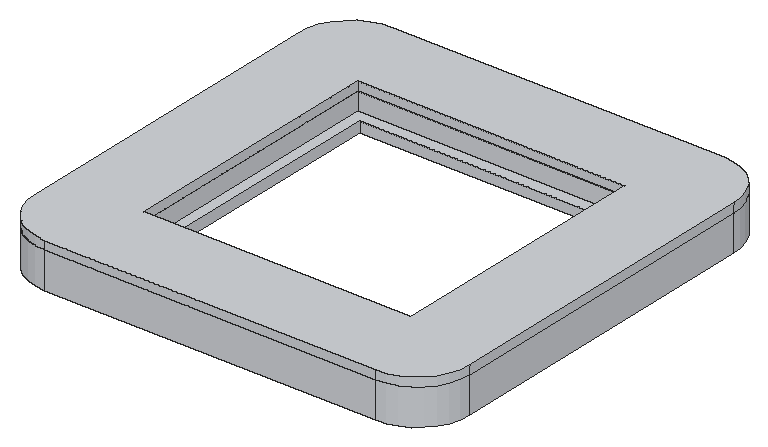
Revit family "Gira_0211427", category Electrical Fixtures, host Face, Revit 2017
Family settings
  Host = Face
  Maintain Annotation Orientation = No
  Round Connector Dimension = Use Diameter
  Part Type = Normal
  Cut with Voids When Loaded = No
  Shared = No
  Room Calculation Point = No
Parameters (values of type "Abdeckrahmen 1f Gira E3 Sand/Anthrazit")
  Werkstoffgüte = "sonstige"
  Werkstoff = "sonstige"
  URL = "http://katalog.gira.de/de_DE/datenblatt.html?artikelnr=0211427"
  Transparent = "No"
  Textfeld/Beschriftungsfläche = "No"
  Schutzart (IP) = "IP20"
  Region = "DE"
  Oberfläche = "metallic"
  Name = "Abdeckrahmen 1f Gira E3 Sand/Anthrazit"
  Montagerichtung = "horizontal und vertikal"
  Mit Montagerahmen = "No"
  Mit Klappdeckel = "No"
  Manufacturer URL = "https://www.gira.de/"
  Keynote = "E3_Rahmen_1fach"
  HeinzeBIM = "https://bimportal.heinze.de/bim/abdeckrahmen-1f-gira-e3-sand-anthrazit/879f49f76cd505f873595ebd3b0ae41e0b3dd188"
  Halogenfrei = "No"
  HAN = "0211427"
  Geeignet für Unterputz-Installation = "Yes"
  Geeignet für Unterflurkanaldose = "No"
  Geeignet für Geräteeinbaukanal = "No"
  Geeignet für Einbauinstallation = "No"
  GTIN = "4010337024576"
  Farbe = "sonstige"
  Default Elevation = 1219.2 mm
  Data sheet (1) = "https://katalog.gira.de/de_DE/download.html?artikelnr=0211427"
  Category = "Abdeckrahmen"
  Befestigungsart = "Klemmbefestigung"
  Available = "Yes"
  Anzahl der Einheiten vertikal = "1 "
  Anzahl der Einheiten horizontal = "1 "
  Anzahl der Einheiten = "1 "
Reference planes
  plane 1 "Center (Front/Back)": y = 0
  plane 2: z = 0
  plane 3 "Center (Left/Right)": x = 0
Forms (mm)
  Extrusion 1, solid, detail levels fine
    sketch origin (0, 0, 0) x (1, 0, 0) y (0, 1, 0)
      loop
        arc (-34.8, 45.809) -> (-42.585, 42.585) -> (-45.809, 34.8) r 11.009
        line (-45.809, 34.8) -> (-45.809, -34.8)
        arc (-45.809, -34.8) -> (-42.585, -42.585) -> (-34.8, -45.809) r 11.009
        line (-34.8, -45.809) -> (34.8, -45.809)
        arc (34.8, -45.809) -> (42.585, -42.585) -> (45.809, -34.8) r 11.009
        line (45.809, -34.8) -> (45.809, 34.8)
        arc (45.809, 34.8) -> (42.585, 42.585) -> (34.8, 45.809) r 11.009
        line (34.8, 45.809) -> (-34.8, 45.809)
      loop
        line (28.187, 28.156) -> (-28.187, 28.156) -> (-28.187, -28.156) -> (28.187, -28.156) -> (28.187, 28.156)
    from 7.65 to 9.5
  Extrusion 2, solid, detail levels fine
    sketch origin (0, 0, 0) x (1, 0, 0) y (0, 1, 0)
      loop
        line (25.7, 25.7) -> (-25.7, 25.7) -> (-25.7, -25.7) -> (25.7, -25.7) -> (25.7, 25.7)
      loop
        line (-28.187, -28.156) -> (28.187, -28.156) -> (28.187, 28.156) -> (-28.187, 28.156) -> (-28.187, -28.156)
    from 1.65 to 3.9
  Extrusion 3, solid, detail levels fine
    sketch origin (0, 0, 0) x (1, 0, 0) y (0, 1, 0)
      loop
        arc (-34.8, 45.809) -> (-42.585, 42.585) -> (-45.809, 34.8) r 11.009
        line (-45.809, 34.8) -> (-45.809, -34.8)
        arc (-45.809, -34.8) -> (-42.585, -42.585) -> (-34.8, -45.809) r 11.009
        line (-34.8, -45.809) -> (34.8, -45.809)
        arc (34.8, -45.809) -> (42.585, -42.585) -> (45.809, -34.8) r 11.009
        line (45.809, -34.8) -> (45.809, 34.8)
        arc (45.809, 34.8) -> (42.585, 42.585) -> (34.8, 45.809) r 11.009
        line (34.8, 45.809) -> (-34.8, 45.809)
      loop
        line (-43.843, 34.785) -> (-43.843, -34.785)
        arc (-43.843, -34.785) -> (-41.19, -41.19) -> (-34.785, -43.843) r 9.058
        line (-34.785, -43.843) -> (34.785, -43.843)
        arc (34.785, -43.843) -> (41.19, -41.19) -> (43.843, -34.785) r 9.058
        line (43.843, -34.785) -> (43.843, 34.785)
        arc (43.843, 34.785) -> (41.19, 41.19) -> (34.785, 43.843) r 9.058
        line (34.785, 43.843) -> (-34.785, 43.843)
        arc (-34.785, 43.843) -> (-41.19, 41.19) -> (-43.843, 34.785) r 9.058
    from 0 to 7.65
  Extrusion 4, solid, detail levels fine
    sketch origin (0, 0, 0) x (1, 0, 0) y (0, 1, 0)
      loop
        line (-27.337, -31.075) -> (27.337, -31.075)
        arc (27.337, -31.075) -> (29.98, -29.98) -> (31.075, -27.337) r 3.739
        line (31.075, -27.337) -> (31.075, 27.337)
        arc (31.075, 27.337) -> (29.98, 29.98) -> (27.337, 31.075) r 3.739
        line (27.337, 31.075) -> (-27.337, 31.075)
        arc (-27.337, 31.075) -> (-29.98, 29.98) -> (-31.075, 27.337) r 3.739
        line (-31.075, 27.337) -> (-31.075, -27.337)
        arc (-31.075, -27.337) -> (-29.98, -29.98) -> (-27.337, -31.075) r 3.739
      loop
        line (-29.925, 27.537) -> (-29.925, -27.537)
        arc (-29.925, -27.537) -> (-29.226, -29.226) -> (-27.537, -29.925) r 2.389
        line (-27.537, -29.925) -> (27.537, -29.925)
        arc (27.537, -29.925) -> (29.226, -29.226) -> (29.925, -27.537) r 2.389
        line (29.925, -27.537) -> (29.925, 27.537)
        arc (29.925, 27.537) -> (29.226, 29.226) -> (27.537, 29.925) r 2.389
        line (27.537, 29.925) -> (-27.537, 29.925)
        arc (-27.537, 29.925) -> (-29.226, 29.226) -> (-29.925, 27.537) r 2.389
    from 1.65 to 7.65
  Extrusion 5, solid, detail levels fine
    sketch origin (0, 0, 0) x (1, 0, 0) y (0, 1, 0)
      loop
        line (-32.053, -39.8) -> (32.053, -39.8)
        arc (32.053, -39.8) -> (37.667, -36.708) -> (39.9, -30.7) r 9.2
        line (39.9, -30.7) -> (39.9, 30.7)
        arc (39.9, 30.7) -> (37.205, 37.205) -> (30.7, 39.9) r 9.2
        line (30.7, 39.9) -> (-30.7, 39.9)
        arc (-30.7, 39.9) -> (-37.205, 37.205) -> (-39.9, 30.7) r 9.2
        line (-39.9, 30.7) -> (-39.9, -30.7)
        arc (-39.9, -30.7) -> (-37.667, -36.708) -> (-32.053, -39.8) r 9.2
      loop
        line (-30.7, -31.7) -> (30.7, -31.7)
        arc (30.7, -31.7) -> (31.407, -31.407) -> (31.7, -30.7) r 1
        line (31.7, -30.7) -> (31.7, 30.7)
        arc (31.7, 30.7) -> (31.407, 31.407) -> (30.7, 31.7) r 1
        line (30.7, 31.7) -> (-30.7, 31.7)
        arc (-30.7, 31.7) -> (-31.407, 31.407) -> (-31.7, 30.7) r 1
        line (-31.7, 30.7) -> (-31.7, -30.7)
        arc (-31.7, -30.7) -> (-31.407, -31.407) -> (-30.7, -31.7) r 1
    from 1.65 to 3.9
  Extrusion 6, solid, detail levels fine
    sketch origin (0, 0, 0) x (1, 0, 0) y (0, 1, 0)
      loop
        line (-28.187, 28.156) -> (-28.187, -28.156) -> (28.187, -28.156) -> (28.187, 28.156) -> (-28.187, 28.156)
      loop
        line (-29.925, 29.925) -> (-29.925, -29.925) -> (29.925, -29.925) -> (29.925, 29.925) -> (-29.925, 29.925)
    from 1.65 to 7.65
  Extrusion 7, solid, detail levels coarse+medium
    sketch origin (0, 0, 0) x (1, 0, 0) y (0, 1, 0)
      loop
        line (-45.809, 45.809) -> (-45.809, -45.809) -> (45.809, -45.809) -> (45.809, 45.809) -> (-45.809, 45.809)
    from 0 to 9.5
Lines and regions (mm)
  reference lines
    curve 1: line (0, 45.809, 0) -> (0, -45.809, 0)
Dimensions and locks
  aligned and locked: plane 2 to host face
  aligned and locked: level to host face
